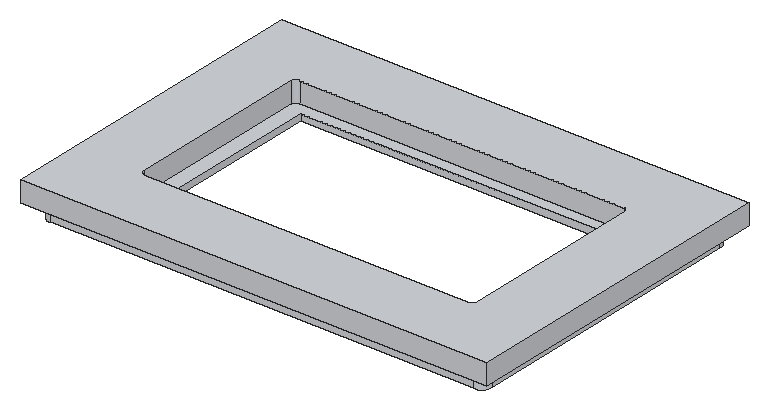
Revit family "Gira_1001127", category Electrical Fixtures, host Face, Revit 2017
Family settings
  Host = Face
  Maintain Annotation Orientation = No
  Round Connector Dimension = Use Diameter
  Part Type = Normal
  Cut with Voids When Loaded = No
  Shared = No
  Room Calculation Point = No
Parameters (values of type "Cov.fr. 1.5-g Gira Esprit alum.brown")
  With mounting grid = "No"
  With hinged lid = "No"
  URL = "http://katalog.gira.de/en/datenblatt.html?artikelnr=1001127"
  Type of fastening = "Clamp mounting"
  Transparent = "No"
  Surface protection = "Other"
  Suitable for wall duct = "No"
  Suitable for flush-mounted installation = "Yes"
  Suitable for floor box = "No"
  Suitable for built-in installation = "No"
  Number of units vertical = "1,5"
  Number of units horizontal = "1,5"
  Number of units = "1"
  Name = "Cov.fr. 1.5-g Gira Esprit alum.brown"
  Mounting direction = "Horizontal and vertical"
  Material quality = "Aluminium"
  Material = "Metal"
  Manufacturer URL = "https://www.gira.de/"
  Manufacturer = "Gira"
  Label space/information surface = "No"
  Keynote = ""
  HeinzeBIM = "https://bimportal.heinze.de/bim/cov-fr-1-5-g-gira-esprit-alum-brown/6e33df9002fd4c3cf035adeff08c895b3cb04904"
  Halogen free = "Yes"
  HAN = "1001127"
  GTIN = "4010337881537"
  Description = "Cov.fr.1.5g Espr. AlBn,Gira Esprit cover frame,aluminium brown,1.5-gang,Features:,- Anodised aluminium E 1. Colour deviations are possible."
  Degree of protection (IP) = "IP20"
  Default Elevation = 1219.2 mm
  Data sheet (1) = "https://katalog.gira.de/en/download.html?artikelnr=1001127"
  Colour = "Brown"
  Category = "Cover frame for domestic switching devices"
  BIM (1) = "https://media.stage.bim.site/public/gira/36a6b08/Espr._Rahmen_1,5fach.rfa"
  Available = "No"
Reference planes
  plane 1 "Center (Front/Back)": y = 0
  plane 2: z = 0
  plane 3 "Center (Left/Right)": x = 0
Forms (mm)
  Extrusion 1, solid, detail levels fine
    sketch origin (0, 0, 0) x (1, 0, 0) y (0, 1, 0)
      loop
        line (-67.75, 47.5) -> (-67.75, -47.5) -> (67.75, -47.5) -> (67.75, 47.5) -> (-67.75, 47.5)
      loop
        arc (-48.5, -26.7) -> (-48.061, -27.761) -> (-47, -28.2) r 1.5
        line (-47, -28.2) -> (47, -28.2)
        arc (47, -28.2) -> (48.061, -27.761) -> (48.5, -26.7) r 1.5
        line (48.5, -26.7) -> (48.5, 26.7)
        arc (48.5, 26.7) -> (48.061, 27.761) -> (47, 28.2) r 1.5
        line (47, 28.2) -> (-47, 28.2)
        arc (-47, 28.2) -> (-48.061, 27.761) -> (-48.5, 26.7) r 1.5
        line (-48.5, 26.7) -> (-48.5, -26.7)
    from 0 to 6
  Extrusion 2, solid, detail levels fine
    sketch origin (0, 0, 0) x (1, 0, 0) y (0, 1, 0)
      loop
        arc (-61.479, 44.4) -> (-63.615, 43.515) -> (-64.5, 41.379) r 3.021
        line (-64.5, 41.379) -> (-64.5, -41.379)
        arc (-64.5, -41.379) -> (-63.615, -43.515) -> (-61.479, -44.4) r 3.021
        line (-61.479, -44.4) -> (61.479, -44.4)
        arc (61.479, -44.4) -> (63.615, -43.515) -> (64.5, -41.379) r 3.021
        line (64.5, -41.379) -> (64.5, 41.379)
        arc (64.5, 41.379) -> (63.615, 43.515) -> (61.479, 44.4) r 3.021
        line (61.479, 44.4) -> (-61.479, 44.4)
      loop
        arc (-61.4, 43.1) -> (-62.673, 42.573) -> (-63.2, 41.3) r 1.8
        line (-63.2, 41.3) -> (-63.2, -41.4)
        arc (-63.2, -41.4) -> (-62.673, -42.673) -> (-61.4, -43.2) r 1.8
        line (-61.4, -43.2) -> (61.4, -43.2)
        arc (61.4, -43.2) -> (62.673, -42.673) -> (63.2, -41.4) r 1.8
        line (63.2, -41.4) -> (63.2, 41.3)
        arc (63.2, 41.3) -> (62.673, 42.573) -> (61.4, 43.1) r 1.8
        line (61.4, 43.1) -> (-61.4, 43.1)
    from -4.1 to 0
  Extrusion 3, solid, detail levels fine
    sketch origin (0, 0, 0) x (1, 0, 0) y (0, 1, 0)
      loop
        arc (-63.2, -41.4) -> (-62.673, -42.673) -> (-61.4, -43.2) r 1.8
        line (-61.4, -43.2) -> (61.4, -43.2)
        arc (61.4, -43.2) -> (62.673, -42.673) -> (63.2, -41.4) r 1.8
        line (63.2, -41.4) -> (63.2, 41.3)
        arc (63.2, 41.3) -> (62.673, 42.573) -> (61.4, 43.1) r 1.8
        line (61.4, 43.1) -> (-61.4, 43.1)
        arc (-61.4, 43.1) -> (-62.673, 42.573) -> (-63.2, 41.3) r 1.8
        line (-63.2, 41.3) -> (-63.2, -41.4)
      loop
        line (44, -24.75) -> (44, 24.75) -> (-44, 24.75) -> (-44, -24.75) -> (44, -24.75)
    from -1.9 to 0
  Extrusion 4, solid, detail levels medium
    sketch origin (0, 0, 0) x (1, 0, 0) y (0, 1, 0)
      loop
        line (-67.75, 47.5) -> (-67.75, -47.5) -> (67.75, -47.5) -> (67.75, 47.5) -> (-67.75, 47.5)
    from 0 to 6
  Extrusion 5, solid, detail levels medium
    sketch origin (0, 0, 0) x (1, 0, 0) y (0, 1, 0)
      loop
        line (-64.5, 44.4) -> (-64.5, -44.4) -> (64.5, -44.4) -> (64.5, 44.4) -> (-64.5, 44.4)
    from -4.1 to 0
  Extrusion 6, solid, detail levels coarse
    sketch origin (0, 0, 0) x (1, 0, 0) y (0, 1, 0)
      loop
        line (-67.75, 47.5) -> (-67.75, -47.5) -> (67.75, -47.5) -> (67.75, 47.5) -> (-67.75, 47.5)
    from -4.1 to 6
Dimensions and locks
  aligned and locked: plane 2 to host face
  aligned and locked: level to host face
